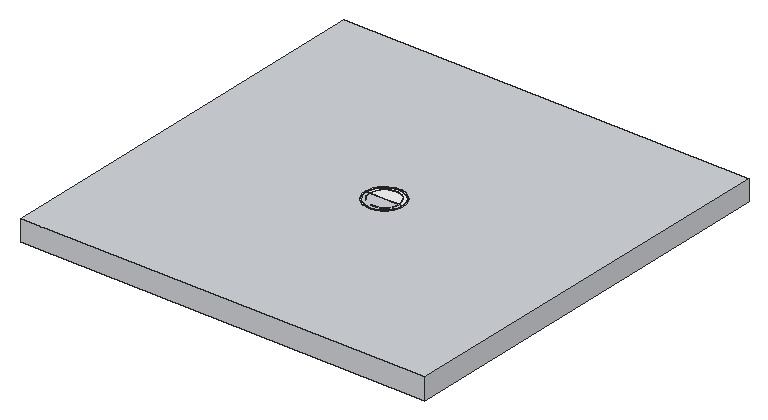
Revit family
Parameters (values of type "2"")
  WFU = 0
  URL = "WWW.MIFAB.COM"
  Top Assembly Radius = 4.500"
  Top Assembly Diameter = Top Assembly Radius * 2  # 9.000"
  Strainer Adjustment [instance] = 3.625"
  Pipe Radius = 1.000"
  Pipe Diameter = Pipe Radius * 2  # 2.000"
  Model = "F1320-C-TFB"
  Manufacturer = "MIFAB"
  Floor Drain Material = Paint - Sherwin Williams Paint - #952C2A - Bellwood Red
  Description = "NON ADJUSTABLE AREA DRAIN"
  Default Elevation = 0.000"
  Body Height = 3.375"
  Assembly Code = ""
Types (6): name | Pipe Radius | Pipe Diameter | Body Height
  (no name) | 1.000" | 2.000" | 3.375"
  2" | 1.000" | 2.000" | 3.375"
  3" | 1.500" | 3.000" | 3.375"
  4" | 2.000" | 4.000" | 3.375"
  5" | 2.500" | 5.000" | 3.375"
  6" | 3.000" | 6.000" | 4.750"
Reference planes (in)
  plane 1 "Center (Front/Back)": y = 0
  plane 2: z = 0
  plane 3 "Center (Left/Right)": x = 0
  plane 4: x = -4.5
  plane 5: x = 4.5
  plane 6: z = -3.375
  plane 7: z = -7
  plane 8: x = 1
  plane 9: x = -1
  plane 10: z = -6
  plane 11: z = -3.625
  plane 12: x = -3.52971
Forms (in)
  Extrusion 1, solid
    sketch origin (0, 0, 0) x (1, 0, 0) y (0, 1, 0)
      loop
        line (-48, 48) -> (-48, -48) -> (48, -48) -> (48, 48) -> (-48, 48)
    from 0 to -4.95974
  Revolve 2, solid, material "Paint - Sherwin Williams Paint - #952C2A - Bellwood Red" <- "Floor Drain Material"
    sketch origin (0, 0, 0) x (1, 0, 0) y (0, 0, 1)
      loop
        line (-4.29343, 0) -> (-4.29343, -0.5) -> (-3.67661, -0.5) -> (-3.04585, -2.85401) -> (0, -2.85401) -> (0, -2.55401) -> (-2.79343, -2.55401) -> (-2.79343, -1.55) -> (-3.08468, -1.55) -> (-3.5, 0) -> (-4.29343, 0)
      loop
        line (0, 0) -> (-3.4271, 0) -> (-3.29313, -0.5) -> (0, -0.5) -> (0, 0)
      axis (0, 0) -> (0, -2.85401)
    angle from 0 to 360
  Revolve 3, solid, material "Paint - Sherwin Williams Paint - #952C2A - Bellwood Red" <- "Floor Drain Material"
    sketch origin (0, 0, 0) x (1, 0, 0) y (0, 0, 1)
      loop
        line (3.52971, -3.625) -> (3.52971, -5.08003) -> (1, -5.89055) -> (1, -7) -> (1.15, -7) -> (1.15, -6) -> (3.68676, -5.18722) -> (3.68676, -3.775) -> (4, -3.775) -> (4, -3.625) -> (3.52971, -3.625)
      axis (0, -7) -> (0, -3.625)
    angle from 0 to 360
  Revolve 4, solid, material "Paint - Sherwin Williams Paint - #952C2A - Bellwood Red" <- "Floor Drain Material"
    sketch origin (0, 0, 0) x (1, 0, 0) y (0, 0, 1)
      loop
        line (-4.29343, 0) -> (-4.5, 0) -> (-4.5, -2.85293) -> (-3.52971, -3.16381) -> (-3.52971, -3.775) -> (-3.32271, -3.775) -> (-3.32271, -3.00214) -> (-4.04343, -2.77122) -> (-4.04343, -0.5) -> (-4.29343, -0.5) -> (-4.29343, 0)
      axis (0, 0) -> (0, -3.775)
    angle from 0 to 360
Lines and regions (in)
  symbolic lines
    curve 1: circle (0, 0, 0) r 4.5 normal (0, 0, 1)
    curve 2: circle (0, 0, 0) r 3.5 normal (0, 0, 1)
Dimensions and locks (in)
  plane 4 to plane 5 = 9.000"
  "Strainer Adjustment": Extrusion 1 to plane 11
  "Body Height": plane 11 to plane 7
  equal spacing: plane 5, plane 3 "Center (Left/Right)", plane 4
  plane 5 to plane 4 = 9.000"
  equal spacing: plane 9, plane 3 "Center (Left/Right)", plane 8
  "Pipe Radius": plane 8 to plane 3 "Center (Left/Right)"
  locked: plane 10 to plane 7 at 1
  "Top Assembly Radius": plane 5 to plane 3 "Center (Left/Right)"
  locked: plane 6 to plane 11 at 0.25
  Revolve 3 sketch curve to Revolve 3 sketch curve = 0.150"  (x2)
  locked: plane 3 "Center (Left/Right)" to Revolve 3 sketch curve at 4
  Revolve 3 sketch curve to Revolve 3 sketch curve to Revolve 3 sketch curve = 0.15704", 0.31324"
  Revolve 2 sketch curve to plane 4 = 0.20657"
  Revolve 2 sketch curve to Revolve 2 sketch curve = 0.07041"
  Revolve 2 sketch curve to Revolve 2 sketch curve = 0.300"
  Revolve 2 sketch curve to plane 4 = 1.70657"
  aligned and locked: plane 2 to Extrusion 1
  aligned and locked: level to Extrusion 1
  aligned and locked: Revolve 2 sketch curve to plane 3 "Center (Left/Right)"
  aligned and locked: Extrusion 1 to Revolve 2 sketch curve
  aligned and locked: Revolve 3 sketch curve to plane 7
  aligned and locked: plane 3 "Center (Left/Right)" to Revolve 3 sketch curve
  aligned and locked: plane 8 to Revolve 3 sketch curve
  aligned and locked: Revolve 3 sketch curve to plane 11
  aligned and locked: plane 3 "Center (Left/Right)" to Revolve 2 sketch curve
Automatic sketch dimensions
  Extrusion 1 sketch curve to Extrusion 1 sketch curve = 96.000"  (x2)
  Revolve 3 sketch curve to plane 10 = 0.000"
  Revolve 3 sketch curve to Revolve 3 sketch curve = 0.10719"
  Revolve 3 sketch curve to plane 11 = 0.150"
  level to Revolve 3 sketch curve = 1.000"
  Revolve 3 sketch curve to Revolve 3 sketch curve = 1.750"
  Revolve 4 sketch curve to level = 0.000"
  Revolve 4 sketch curve to plane 4 = 0.000"
  plane 12 to Revolve 4 sketch curve = 0.000"
  Revolve 4 sketch curve to plane 3 "Center (Left/Right)" = 0.000"
  plane 4 to Revolve 4 sketch curve = 0.20657"
  Revolve 4 sketch curve to Revolve 4 sketch curve = 0.250"
  Revolve 4 sketch curve to Revolve 4 sketch curve = 0.207"
  Revolve 4 sketch curve to level = 0.500"
  Revolve 4 sketch curve to Revolve 4 sketch curve = 2.27122"
  Revolve 4 sketch curve to Revolve 4 sketch curve = 2.35293"
  plane 6 to Revolve 4 sketch curve = 0.37286"
  Revolve 4 sketch curve to Revolve 4 sketch curve = 0.16167"
  Revolve 4 sketch curve to plane 11 = 0.150"
  Revolve 4 sketch curve to plane 7 = 17.000"
  level to Revolve 4 sketch curve = 102.71882"
  Revolve 2 sketch curve to plane 3 "Center (Left/Right)" = 0.000"
  Revolve 2 sketch curve to Revolve 2 sketch curve = 0.4997"
  Revolve 2 sketch curve to Revolve 2 sketch curve = 0.25242"
  Revolve 2 sketch curve to Revolve 2 sketch curve = 0.20845"
  Revolve 2 sketch curve to Revolve 2 sketch curve = 0.13397"
  Revolve 2 sketch curve to Revolve 2 sketch curve = 0.0729"
  Revolve 2 sketch curve to Revolve 2 sketch curve = 0.000"
  Revolve 2 sketch curve to Revolve 2 sketch curve = 0.300"
  plane 6 to Revolve 2 sketch curve = 0.250"
  Revolve 2 sketch curve to Revolve 2 sketch curve = 1.750"
  Revolve 2 sketch curve to level = 0.000"
  curve 1 to curve 2 = 0.000"  (x2)
  plane 1 "Center (Front/Back)" to curve 2 = 0.000"
  curve 2 to plane 3 "Center (Left/Right)" = 0.000"
  radius of curve 1 = 4.500"
  radius of curve 2 = 3.500"
Connectors (in)
  piping at (0, 0, -7), driven by "Pipe Radius", driven by "WFU"
    settings: on Revolve 3, index 1, connector radius 1", flow factor 0, pipe flow 0 GPM, pressure drop 0.00 psi, fitting loss kfactor 0, connector angle 0.00°, fixture units 0, flow configuration 3, flow direction 2, fitting loss method 0, system type 16, connector reference index -1, connector utility 0, adjustable connector no, is connector primary yes, fitting loss table "", connector description "Sanitary Out"
